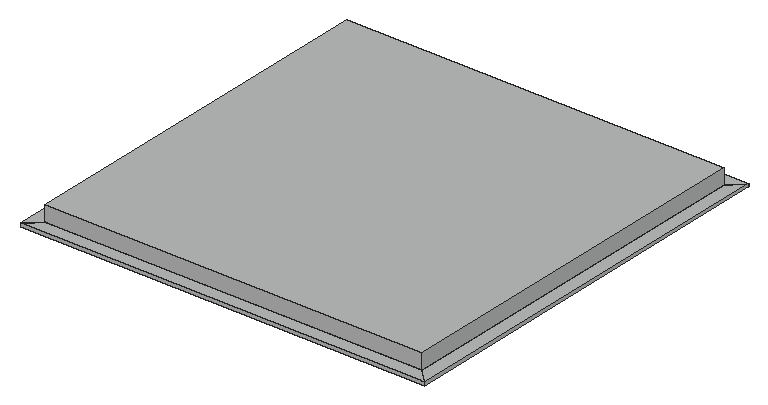
Revit family "AVRORA", category Осветительные приборы, Revit 2019 (continued)
Types (10, lengths in mm): name | built-in parameter 1150134 | Файл фотометрической сетки | built-in parameter 1150142 | built-in parameter 1150107 | Emit from Rectangle Width | Emit from Rectangle Length | Длина | Ширина | ADSK_Обозначение | ADSK_Наименование | ADSK_Код изделия
    9.900 213.700 185.600 162.600 146.100 130.600 114.100 \r\n93.900 71.600 50.800 31.900 13.300 0.400 \r\n1594.200 1590.500 1599.300 1602.900 1592.400 1566.200 1540.100 1522.600 1511.900 1498.700 1476.400 1450.400 1425.700 1401.400 1362.200 1304.900 1247.300 1183.200 \r\n1119.400 1058.100 996.400 931.300 864.200 799.300 735.600 673.300 614.700 559.100 505.200 449.700 393.600 340.100 292.000 249.700 214.400 187.400 165.000 148.800 133.100 115.800 \r\n94.700 71.700 50.600 31.700 13.500 0.400 \r\n1594.700 1590.700 1598.300 1601.000 1590.600 1566.400 1541.400 1525.000 1513.900 1499.700 1478.300 1451.700 1427.700 1404.300 1363.800 1305.800 1247.300 1183.000 \r\n1119.700 1056.800 994.400 928.800 861.900 796.100 731.900 668.800 610.100 553.900 500.100 445.300 390.400 338.300 291.400 250.300 215.800 189.500 167.500 151.200 135.200 117.200 \r\n95.100 71.700 50.300 31.600 13.600 0.400 \r\n1594.700 1590.500 1598.100 1600.000 1589.300 1565.600 1542.400 1527.800 1516.300 1501.500 1480.300 1453.400 1430.400 1406.600 1365.000 1306.900 1247.200 1182.300 \r\n1119.200 1055.600 992.600 926.600 860.000 793.900 728.300 664.700 605.300 549.000 495.300 441.600 387.800 337.000 291.400 251.500 217.900 192.000 169.900 153.200 136.800 118.000 \r\n95.400 71.600 50.100 31.500 13.700 0.400 \r\n1595.100 1590.200 1597.400 1598.100 1587.800 1565.500 1545.200 1530.300 1518.100 1503.500 1482.000 1455.200 1432.000 1407.700 1366.400 1308.800 1246.800 1181.900 \r\n1118.300 1053.700 990.400 924.100 857.000 790.900 725.000 660.800 601.100 544.500 491.000 437.800 385.200 335.800 291.800 253.100 220.300 194.500 171.900 154.800 137.800 118.300 \r\n95.400 71.400 50.000 31.400 13.900 0.400 \r\n1595.200 1589.600 1595.900 1597.600 1586.200 1565.700 1546.100 1532.900 1519.700 1505.400 1483.600 1456.800 1434.400 1407.500 1367.100 1311.000 1247.300 1181.800 \r\n1117.400 1052.300 988.200 921.400 853.900 787.500 721.800 657.800 597.700 540.900 487.100 434.300 382.600 334.700 292.200 254.900 222.700 196.700 173.600 155.800 138.100 118.300 \r\n95.200 71.400 50.000 31.400 14.100 0.400 \r\n1594.800 1589.300 1595.400 1596.400 1585.200 1565.100 1547.300 1535.000 1522.400 1506.800 1484.500 1458.900 1435.100 1408.600 1367.500 1312.300 1249.400 1183.600 \r\n1118.400 1051.900 986.900 918.800 850.500 783.100 718.000 654.800 594.900 537.800 483.800 431.500 380.200 333.700 292.700 256.600 224.900 198.500 174.600 156.000 137.900 117.900 \r\n95.000 71.400 50.000 31.500 14.200 0.400 \r\n1594.400 1589.400 1595.200 1595.200 1583.900 1564.800 1547.900 1537.100 1524.000 1508.000 1485.500 1460.600 1437.100 1408.000 1367.600 1314.300 1252.400 1186.900 \r\n1120.800 1053.100 986.300 916.700 847.400 779.800 714.100 651.000 591.500 534.100 480.300 428.000 377.900 332.600 292.900 258.000 226.600 199.600 174.800 155.600 137.200 117.200 \r\n94.700 71.400 50.100 31.500 14.300 0.400 \r\n1594.400 1588.700 1593.600 1593.500 1582.900 1564.200 1549.600 1539.200 1524.900 1508.800 1486.600 1462.600 1438.400 1408.600 1367.300 1315.900 1255.400 1190.400 \r\n1123.700 1055.600 986.000 914.800 844.300 776.400 710.900 647.500 587.400 530.100 476.600 424.900 375.700 331.400 292.800 259.000 227.900 200.100 174.400 154.600 136.300 116.500 \r\n94.300 71.400 50.200 31.600 14.400 0.400 \r\n1594.700 1588.200 1593.000 1591.600 1582.200 1564.300 1549.900 1540.400 1525.900 1508.500 1486.700 1463.600 1439.300 1407.500 1366.600 1316.200 1257.800 1193.500 \r\n1126.900 1058.300 986.700 913.500 842.000 773.900 708.100 644.300 583.700 526.300 472.700 421.400 373.400 329.900 292.400 259.500 228.700 200.200 173.700 153.600 135.300 115.900 \r\n94.100 71.500 50.400 31.600 14.400 0.400 \r\n1595.100 1588.300 1592.100 1590.700 1581.100 1563.800 1551.700 1542.100 1525.200 1507.900 1486.100 1463.400 1439.300 1406.600 1365.800 1314.800 1258.700 1195.200 \r\n1129.300 1059.600 986.100 912.200 840.200 771.300 704.700 640.600 579.900 522.200 468.500 417.700 370.600 328.000 291.500 259.500 229.100 200.000 172.900 152.700 134.600 115.500 \r\n94.000 71.700 50.600 31.600 14.300 0.400 \r\n1594.900 1587.700 1590.800 1588.700 1580.000 1564.400 1552.500 1543.400 1525.800 1506.700 1485.400 1463.400 1438.800 1404.300 1364.500 1313.500 1258.300 1195.900 \r\n1130.200 1059.300 985.300 911.200 838.500 768.400 701.000 637.000 576.100 518.300 464.600 414.100 367.600 325.700 290.100 258.800 228.800 199.800 172.300 152.200 134.300 115.500 \r\n94.100 71.900 50.800 31.600 14.200 0.400 \r\n1594.600 1587.500 1590.400 1587.800 1578.900 1564.700 1553.500 1544.600 1527.500 1506.000 1484.800 1462.400 1437.700 1403.600 1363.600 1312.400 1258.400 1197.000 \r\n1131.400 1060.000 985.100 910.800 836.900 766.000 698.700 634.700 573.600 515.100 461.000 410.300 364.300 322.900 287.800 257.400 228.200 199.600 172.200 152.200 134.500 115.900 \r\n94.500 72.200 51.100 31.600 14.100 0.400 \r\n1594.900 1587.700 1589.000 1586.900 1577.500 1564.500 1555.100 1546.200 1527.900 1506.000 1484.300 1461.300 1436.400 1402.300 1362.200 1313.000 1259.600 1199.500 \r\n1134.700 1062.800 985.700 911.200 837.100 765.100 697.600 633.100 571.500 512.200 457.600 406.600 360.700 319.600 284.900 255.100 227.000 199.400 172.700 152.900 135.200 116.600 \r\n95.200 72.800 51.400 31.700 14.000 0.400 \r\n1594.100 1587.500 1588.200 1584.700 1577.100 1565.300 1556.900 1548.400 1529.400 1505.800 1482.700 1460.400 1436.500 1403.000 1362.200 1313.600 1261.900 1204.100 \r\n1139.800 1067.500 989.500 913.100 838.200 765.600 697.400 632.000 569.900 510.200 454.800 403.000 356.600 315.900 281.300 251.900 225.400 199.500 173.700 154.000 136.300 117.800 \r\n96.200 73.500 51.900 31.800 14.000 0.400 \r\n1594.100 1586.900 1587.100 1584.200 1576.400 1565.100 1557.300 1550.000 1529.100 1505.600 1482.200 1460.200 1436.600 1403.200 1362.800 1314.500 1264.200 1209.000 \r\n1144.700 1072.500 994.000 915.800 840.200 767.200 698.000 631.800 569.100 508.700 452.200 399.600 352.700 312.000 277.300 248.200 223.200 199.300 175.000 155.600 137.800 119.200 \r\n97.500 74.500 52.400 32.000 13.900 0.400 \r\n1594.000 1587.500 1586.200 1583.000 1575.600 1566.100 1559.000 1552.500 1532.200 1506.500 1481.000 1460.800 1438.200 1403.900 1364.800 1315.300 1265.600 1212.100 \r\n1149.100 1076.700 997.400 918.100 842.000 769.000 699.000 632.700 569.000 507.700 450.200 396.500 348.800 308.000 273.200 244.200 220.600 199.100 176.500 157.600 139.600 120.700 \r\n98.800 75.600 53.000 32.200 13.900 0.400 \r\n1594.300 1586.200 1585.700 1582.400 1575.100 1566.600 1560.900 1555.300 1534.100 1507.300 1481.000 1461.500 1440.500 1406.800 1367.000 1317.300 1266.200 1213.400 \r\n1151.100 1078.600 998.800 919.800 844.700 771.900 701.000 634.200 569.500 507.600 448.800 394.100 345.400 304.200 269.300 240.200 217.500 198.200 177.600 159.600 141.600 122.400 \r\n100.400 76.800 53.700 32.400 13.900 0.400 \r\n1594.100 1586.500 1585.100 1581.200 1574.200 1566.400 1562.400 1557.700 1536.600 1509.700 1482.300 1462.000 1442.000 1409.700 1368.900 1319.100 1267.200 1212.600 \r\n1151.100 1077.900 999.900 922.500 847.500 775.300 704.100 636.200 571.100 508.300 448.200 392.300 342.700 300.600 265.300 236.200 214.100 196.800 178.200 161.300 143.600 124.200 \r\n101.800 78.100 54.400 32.700 14.000 0.400 \r\n1595.200 1586.300 1584.000 1580.000 1573.100 1566.400 1564.000 1561.200 1540.400 1512.800 1483.200 1462.200 1444.100 1412.600 1371.900 1321.000 1267.800 1210.700 \r\n1149.100 1077.100 1002.300 926.300 851.000 779.000 707.900 639.300 573.300 509.200 448.200 390.800 340.400 297.300 261.500 232.300 210.700 194.700 177.900 162.300 145.300 125.900 \r\n103.300 79.200 55.100 33.000 14.100 0.400 \r\n1594.700 1586.200 1583.300 1579.000 1572.600 1566.800 1565.800 1563.600 1544.800 1515.600 1484.300 1462.800 1444.500 1415.500 1374.200 1322.500 1267.500 1209.100 \r\n1148.000 1077.800 1004.900 930.000 854.900 782.900 711.900 642.900 575.700 510.400 448.200 389.900 338.600 294.600 258.100 228.700 207.400 192.200 176.800 162.500 146.300 127.200 \r\n104.500 80.100 55.600 33.200 14.200 0.400 \r\n1594.900 1585.900 1581.800 1577.200 1571.300 1567.000 1566.800 1566.100 1548.700 1518.800 1486.700 1463.200 1445.600 1417.500 1376.900 1324.000 1267.500 1207.800 \r\n1146.300 1079.200 1007.900 933.300 858.500 786.900 716.200 646.600 578.300 511.800 448.800 389.500 337.400 292.600 255.300 225.600 204.000 189.000 174.900 161.600 146.300 127.800 \r\n105.300 80.700 55.800 33.400 14.200 0.400 \r\n1595.000 1586.200 1581.000 1576.400 1571.300 1566.800 1567.600 1568.500 1552.400 1522.500 1488.500 1463.200 1445.100 1418.600 1378.500 1325.500 1268.500 1208.300 \r\n1145.700 1079.600 1009.700 936.300 862.400 791.000 720.500 649.900 581.100 513.900 450.000 389.900 336.800 291.200 253.200 223.000 200.800 185.800 172.400 159.900 145.300 127.500 \r\n105.500 80.900 55.800 33.400 14.100 0.400 \r\n1594.800 1585.500 1580.100 1574.600 1570.400 1566.800 1568.700 1571.200 1556.000 1526.000 1490.800 1462.500 1443.400 1418.800 1379.200 1327.500 1271.200 1210.700 \r\n1145.700 1080.100 1011.600 939.100 867.200 795.500 724.300 653.300 584.500 516.800 452.000 391.000 337.000 290.500 251.600 220.800 198.100 182.500 169.200 157.500 143.500 126.300 \r\n104.900 80.700 55.700 33.400 14.000 0.400 \r\n1595.100 1585.300 1580.300 1575.500 1568.600 1566.600 1569.500 1572.500 1558.300 1529.900 1492.400 1462.800 1442.100 1418.900 1380.400 1330.800 1276.400 1215.200 \r\n1149.100 1081.300 1013.800 941.900 871.000 799.500 728.800 657.900 588.700 520.400 454.700 393.100 338.000 290.500 250.800 219.200 195.700 179.500 165.600 154.500 140.900 124.300 \r\n103.600 79.900 55.300 33.200 13.800 0.400 \r\n1594.600 1584.600 1579.300 1573.900 1568.600 1566.400 1569.900 1574.100 1561.700 1533.000 1494.700 1462.400 1440.500 1417.900 1382.500 1335.100 1282.500 1221.200 \r\n1153.500 1083.800 1015.100 944.500 874.600 804.200 734.000 663.200 593.600 524.800 458.200 395.900 340.000 291.700 250.800 218.300 193.900 176.800 162.100 150.900 137.800 121.700 \r\n101.800 78.700 54.700 32.900 13.700 0.400 \r\n1595.300 1584.800 1577.900 1572.400 1568.800 1565.900 1570.300 1575.300 1564.000 1534.900 1498.700 1463.000 1439.500 1416.500 1384.200 1339.700 1289.200 1226.800 \r\n1158.700 1086.900 1017.400 947.500 878.900 810.000 739.500 669.200 599.100 529.900 462.900 399.800 343.100 293.800 251.700 218.100 192.700 174.600 159.000 147.200 134.300 118.800 \r\n99.700 77.200 53.900 32.600 13.500 0.400 \r\n1595.800 1584.900 1577.200 1570.700 1567.500 1565.100 1569.100 1574.400 1565.100 1537.200 1501.200 1464.400 1438.900 1418.500 1386.400 1342.600 1294.200 1232.100 \r\n1163.000 1091.500 1020.900 951.600 883.700 815.700 745.500 675.500 605.300 536.000 468.300 404.600 347.100 296.800 253.600 218.700 192.000 172.900 156.200 143.600 130.700 115.600 \r\n97.500 75.700 53.100 32.300 13.300 0.400 \r\n1595.700 1585.500 1576.900 1570.100 1566.400 1564.500 1567.900 1573.300 1565.400 1539.400 1503.700 1467.800 1439.800 1419.500 1388.100 1344.500 1297.600 1236.200 \r\n1167.300 1096.200 1025.400 957.000 889.000 821.300 752.400 682.000 612.000 542.600 474.600 410.300 351.900 300.600 256.200 219.900 192.000 169.400 154.000 140.500 127.200 112.400 \r\n95.200 74.300 52.300 31.900 13.000 0.400 \r\n1594.800 1584.700 1575.800 1569.300 1565.500 1564.400 1567.400 1572.300 1564.800 1539.600 1506.900 1471.800 1442.300 1420.000 1390.700 1344.800 1298.900 1239.500 \r\n1171.900 1101.300 1031.100 963.200 895.100 827.500 759.200 689.500 619.400 550.200 481.300 416.400 357.300 305.000 259.400 221.800 192.600 168.700 152.300 137.900 123.900 109.100 \r\n92.600 72.700 51.500 31.500 12.700 0.400 \r\n1594.300 1584.600 1575.100 1569.200 1564.900 1563.500 1566.300 1569.900 1563.000 1540.000 1509.100 1475.900 1445.800 1420.600 1392.800 1345.600 1298.500 1241.600 \r\n1175.400 1105.400 1036.700 969.300 901.300 833.400 765.900 697.100 627.200 557.400 488.500 423.100 362.900 309.700 262.900 224.200 193.500 168.400 150.900 135.700 120.900 106.000 \r\n89.900 71.000 50.500 31.000 12.400 0.400 \r\n1594.800 1584.300 1574.500 1567.600 1564.200 1562.400 1565.000 1566.900 1558.800 1538.300 1511.400 1480.300 1450.300 1422.900 1394.900 1345.800 1297.800 1242.200 \r\n1177.600 1108.400 1040.900 975.000 907.300 839.000 771.800 704.000 634.600 564.800 496.000 429.900 368.800 314.800 267.000 227.000 195.100 168.600 150.000 134.000 118.600 103.200 \r\n87.400 69.200 49.500 30.300 12.000 0.400 \r\n1594.900 1585.200 1574.100 1567.300 1563.700 1561.600 1563.100 1563.600 1555.300 1536.400 1511.300 1483.800 1455.300 1426.400 1396.500 1347.100 1296.600 1242.000 \r\n1178.400 1110.300 1044.200 978.100 912.100 843.500 776.900 710.100 641.700 572.400 503.100 436.800 375.100 320.300 271.600 230.400 197.000 169.200 149.500 132.800 116.800 101.000 \r\n85.100 67.500 48.500 29.700 11.600 0.400 \r\n1595.400 1584.600 1574.100 1567.200 1562.700 1560.700 1561.400 1559.700 1550.600 1532.300 1510.200 1487.100 1459.600 1429.200 1397.500 1348.500 1296.400 1241.200 \r\n1178.600 1111.200 1045.300 979.700 915.000 847.600 781.300 715.600 648.200 579.300 510.400 444.000 381.800 326.300 276.400 234.000 199.300 170.200 149.500 132.200 115.700 99.500 \r\n83.300 66.100 47.600 29.000 11.300 0.400 \r\n1594.300 1585.100 1573.700 1564.900 1562.300 1560.400 1559.600 1555.400 1545.900 1527.700 1508.000 1488.500 1463.200 1432.000 1398.500 1350.900 1297.900 1242.000 \r\n1179.700 1112.600 1046.400 980.900 916.200 850.900 785.200 720.600 654.200 585.900 517.700 451.500 389.100 332.500 281.600 237.900 201.900 171.500 149.800 131.900 115.100 98.500 \r\n82.200 64.900 46.800 28.500 11.000 0.400 \r\n1594.100 1584.100 1573.400 1564.500 1561.900 1559.800 1557.700 1551.400 1540.000 1523.200 1505.900 1487.800 1465.400 1433.700 1399.200 1352.700 1300.400 1244.000 \r\n1181.200 1114.400 1047.800 982.200 917.400 852.600 788.600 724.700 659.000 591.700 525.000 459.600 396.500 338.800 286.800 241.900 204.600 173.200 150.500 132.100 115.000 98.100 \r\n81.400 64.300 46.200 28.100 10.800 0.400 \r\n1594.400 1584.700 1573.200 1565.900 1561.500 1559.700 1556.100 1547.800 1534.400 1518.100 1502.800 1487.000 1465.200 1434.000 1398.900 1352.800 1304.500 1247.300 \r\n1184.000 1117.400 1050.400 984.200 919.100 853.800 791.200 728.400 663.500 597.500 531.800 467.300 403.900 345.100 292.100 245.900 207.500 174.900 151.500 132.700 115.400 98.100 \r\n81.200 64.000 45.700 27.800 10.700 0.400 \r\n1593.900 1585.000 1573.100 1564.400 1562.000 1558.700 1554.900 1545.300 1530.000 1513.300 1499.600 1483.800 1463.800 1433.000 1397.400 1352.100 1307.600 1251.400 \r\n1187.700 1121.500 1053.500 987.600 922.000 857.000 793.500 731.400 667.700 602.800 537.700 473.700 410.700 351.300 297.200 250.000 210.300 176.800 152.700 133.500 116.100 98.600 \r\n81.200 63.900 45.600 27.500 10.700 0.400 \r\n1594.600 1585.200 1573.400 1563.300 1561.600 1559.300 1553.900 1543.500 1527.900 1509.000 1496.200 1480.600 1461.000 1430.800 1395.800 1350.100 1308.000 1253.900 \r\n1191.200 1126.700 1058.200 992.100 926.000 861.100 797.100 734.200 671.100 606.700 542.600 479.300 416.700 356.700 301.800 253.500 213.200 178.800 154.100 134.500 117.000 99.400 \r\n81.500 63.900 45.600 27.400 10.700 0.400 \r\n1593.400 1585.000 1573.700 1564.500 1561.300 1559.500 1554.100 1542.500 1525.300 1507.300 1492.700 1478.200 1456.500 1430.300 1393.800 1348.800 1306.900 1255.100 \r\n1194.300 1131.000 1063.000 996.600 930.500 865.500 801.200 737.400 673.500 609.600 546.200 483.800 421.500 361.100 305.800 257.100 216.100 181.000 155.700 135.800 118.200 100.400 \r\n82.100 64.000 45.600 27.300 10.700 0.400 \r\n1595.200 1585.300 1573.500 1565.800 1561.600 1559.500 1555.100 1542.900 1524.400 1506.400 1491.700 1475.200 1453.500 1427.000 1394.400 1349.400 1306.000 1256.100 \r\n1197.000 1134.000 1067.300 1001.300 934.800 869.000 804.700 740.400 675.700 611.700 548.400 486.700 424.900 365.000 309.600 260.600 219.100 183.300 157.500 137.200 119.600 101.600 \r\n83.000 64.300 45.700 27.200 10.700 0.400 \r\n1593.800 1585.100 1574.300 1565.200 1562.100 1560.600 1555.500 1544.500 1526.500 1507.700 1491.500 1474.100 1453.100 1426.300 1395.800 1352.700 1307.200 1258.000 \r\n1200.300 1137.100 1071.800 1006.100 939.300 872.800 807.500 742.400 677.600 612.500 549.100 487.700 427.400 368.400 313.300 264.200 222.200 185.800 159.600 139.000 121.200 103.200 \r\n84.100 64.900 45.900 27.200 10.700 0.400 \r\n1593.9
